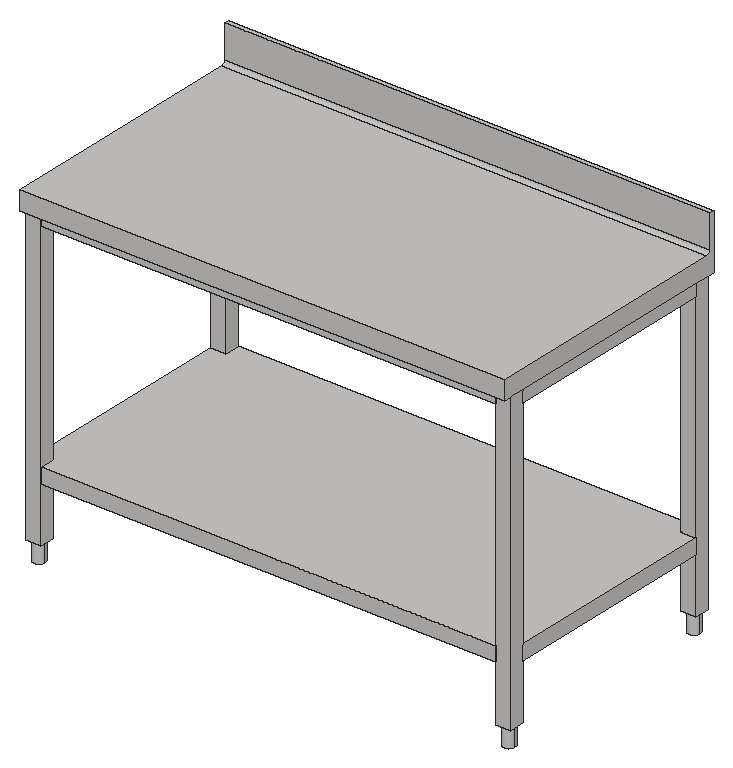
Revit family "QF_ELECTROLUXPROFESSIONAL_134096_LSGTG1310E", category Attrezzature speciali, Revit 2020
Family settings
  Quota connettore circolare = Usa diametro
  Tipo di parte = Normale
  Basato su piano di lavoro = No
  Sempre verticale = Sì
  Taglio con vuoti quando caricato = No
  Condiviso = No
  Punto di calcolo locali = No
Parameters (values of type "Standard")
  Weight = 45.50 kg
  Watts = 0 W
  Volts = 0 V
  URL Manufacturer = "https://www.electroluxprofessional.com/"
  URL = "https://www.electroluxprofessional.com/"
  Steam Supply Size = 0 mm
  Steam Supply Minimum Pressure = 0.0 Pa
  Steam Supply Maximum Pressure = 0.0 Pa
  Steam Consumption per Hour = 0
  Refrigeration Suction Line Size = 0.0 mm
  Refrigeration Liquid Line Size = 0.0 mm
  Refrigerant Compressor Remote = yes
  Prospetto di default = 0.0 mm
  Produttore = "Electrolux Professional"
  Phase = 0
  Modello = "LSGTG1310E"
  Length Actual = 1300.0 mm  # constant formula
  Item Number = "134096"
  Hot Water Size = 0 mm
  Height Actual = 1000.0 mm  # constant formula
  HP = "0 HP"
  Gas Size = 0 mm
  Gas KW = 0
  Gas Input Pressure = 0 W
  Direct Waste Size = 0 mm
  Descrizione = "WORK TABLE  1300 MM+UPSTAND+LOWER SHELF"
  Depth Actual = 700.0 mm  # constant formula
  Cycle = 0 Hz
  Condensate Return Size = 0 mm
  Compressed Air Volume = 0.0 L/s
  Compressed Air Size = 0 mm
  Compressed Air Pressure = 0.0 Pa
  Cold Water Size = 0 mm
  Accessory = yes
Reference planes
  plane 1 "Center (Front/Back)": y = 0
  plane 2: z = 0
  plane 3 "Center (Left/Right)": x = -150
  plane 4 "LEFT": x = -800
  plane 5 "RIGHT": x = 500
  plane 6 "BACK": y = 350
  plane 7 "FRONT": y = -350
  plane 8 "Base": z = 850
  plane 9 "TOP": z = 900
  plane 10: x = -780
  plane 11: x = 480
  plane 12: y = 310
  plane 13: y = -310
  plane 14 "TRAVERSI": z = 820
  plane 15: x = -760
  plane 16: x = 460
  plane 17: y = 290
  plane 18: y = -290
  plane 19: y = 330
  plane 20: y = -330
  plane 21 "Plane": z = 200
Forms (mm)
  Extrusion 1, solid, material "QF_Finishes_Stainless Steel"
    sketch origin (-150, 0, 0) x (0, 1, 0) y (0, 0, 1)
      loop
        line (-350, 850) -> (350, 850) -> (350, 1000) -> (337, 1000) -> (337, 910)
        arc (337, 910) -> (334.071, 902.929) -> (327, 900) r 10
        line (327, 900) -> (-350, 900) -> (-350, 850)
    from 650 to -650
  Extrusion 2, solid, material "QF_Finishes_Stainless Steel"
    sketch origin (0, 0, 820) x (0, 1, 0) y (-1, 0, 0)
      loop
        line (290, -460) -> (-290, -460) -> (-290, -500) -> (290, -500) -> (290, -460)
      loop
        line (290, 800) -> (-290, 800) -> (-290, 760) -> (290, 760) -> (290, 800)
    from 0 to 30
  Extrusion 3, solid, material "QF_Finishes_Stainless Steel"
    sketch origin (0, 0, 820) x (0, 1, 0) y (-1, 0, 0)
      loop
        line (330, -460) -> (330, 760) -> (290, 760) -> (290, -460) -> (330, -460)
      loop
        line (-290, 760) -> (-330, 760) -> (-330, -460) -> (-290, -460) -> (-290, 760)
    from 0 to 30
  Extrusion 4, solid, material "QF_Finishes_Stainless Steel"
    sketch origin (0, 0, 200) x (0, 1, 0) y (-1, 0, 0)
      loop
        line (290, 800) -> (-290, 800) -> (-290, 760) -> (-330, 760) -> (-330, -460) -> (-290, -460) -> (-290, -500) -> (290, -500) -> (290, -460) -> (330, -460) -> (330, 760) -> (290, 760) -> (290, 800)
    from 0 to 40
Lines and regions (mm)
  symbolic lines
    curve 1: line (500, 350, 900) -> (-800, 350, 900)
    curve 2: line (-800, 350, 900) -> (-800, -350, 900)
    curve 3: line (-800, -350, 900) -> (500, -350, 900)
    curve 4: line (500, -350, 900) -> (500, 350, 900)
    curve 5: line (-800, 337, 820) -> (500, 337, 820)
Dimensions and locks
  plane 4 "LEFT" to plane 5 "RIGHT" = 1300.0 mm
  equal spacing: plane 4 "LEFT", plane 3 "Center (Left/Right)", plane 5 "RIGHT"
  plane 4 "LEFT" to plane 10 = 20.0 mm
  plane 11 to plane 5 "RIGHT" = 20.0 mm
  plane 10 to plane 11 = 1260.0 mm
  plane 6 "BACK" to plane 12 = 40.0 mm
  plane 13 to plane 7 "FRONT" = 40.0 mm
  plane 6 "BACK" to plane 7 "FRONT" = 700.0 mm
  plane 12 to plane 13 = 620.0 mm
  equal spacing: plane 6 "BACK", plane 1 "Center (Front/Back)", plane 7 "FRONT"
  plane 8 "Base" to plane 14 "TRAVERSI" = 30.0 mm
  locked: plane 10 to plane 15 at 20
  locked: plane 16 to plane 11 at 20
  locked: plane 19 to plane 12 at 20
  locked: plane 12 to plane 17 at 20
  locked: plane 18 to plane 13 at 20
  locked: plane 13 to plane 20 at 20
  locked: plane 8 "Base" to level at 850
  locked: Extrusion 1 to level at 1000
  locked: plane 21 "Plane" to level at 200
  aligned and locked: level to plane 2
  aligned and locked: plane 10 to nested 1
  aligned and locked: nested 1 to plane 13
  aligned and locked: plane 11 to nested 2
  aligned and locked: nested 2 to plane 13
  aligned and locked: plane 11 to nested 4
  aligned and locked: nested 4 to plane 12
  aligned and locked: plane 10 to nested 3
  aligned and locked: nested 3 to plane 12
  aligned and locked: Extrusion 1 to plane 4 "LEFT"
  aligned and locked: plane 5 "RIGHT" to Extrusion 1
  aligned and locked: curve 2 to plane 4 "LEFT"
  aligned and locked: Extrusion 2 sketch curve to plane 5 "RIGHT"
  aligned and locked: Extrusion 2 sketch curve to plane 17  (x2)
  aligned and locked: plane 16 to Extrusion 2 sketch curve
  aligned and locked: plane 18 to Extrusion 2 sketch curve  (x2)
  aligned and locked: plane 4 "LEFT" to Extrusion 2 sketch curve
  aligned and locked: Extrusion 2 sketch curve to plane 15
  aligned and locked: plane 19 to Extrusion 3 sketch curve
  aligned and locked: Extrusion 3 sketch curve to plane 17
  aligned and locked: Extrusion 3 sketch curve to plane 18
  aligned and locked: plane 20 to Extrusion 3 sketch curve
  aligned and locked: Extrusion 3 sketch curve to plane 15
  aligned and locked: plane 15 to Extrusion 3 sketch curve
  aligned and locked: plane 16 to Extrusion 3 sketch curve
  aligned and locked: Extrusion 3 sketch curve to plane 16
  aligned and locked: curve 5 to Extrusion 1
  aligned and locked: plane 19 to Extrusion 4 sketch curve
  aligned and locked: plane 5 "RIGHT" to Extrusion 4 sketch curve
  aligned and locked: Extrusion 4 sketch curve to plane 4 "LEFT"
  aligned and locked: Extrusion 4 sketch curve to plane 20
  aligned and locked: Extrusion 4 sketch curve to Extrusion 2
  aligned and locked: Extrusion 4 sketch curve to plane 15
  aligned and locked: plane 17 to Extrusion 4 sketch curve  (x2)
  aligned and locked: Extrusion 4 sketch curve to plane 18  (x2)
  aligned and locked: plane 16 to Extrusion 4 sketch curve  (x2)
Automatic sketch dimensions
  curve 3 to plane 7 "FRONT" = 0.0 mm
  curve 4 to plane 6 "BACK" = 0.0 mm
  curve 4 to plane 5 "RIGHT" = 0.0 mm
  Extrusion 1 sketch curve to plane 7 "FRONT" = 0.0 mm
  Extrusion 1 sketch curve to plane 9 "TOP" = 0.0 mm
  Extrusion 1 sketch curve to plane 6 "BACK" = 0.0 mm
  Extrusion 1 sketch curve to plane 8 "Base" = 0.0 mm
  Extrusion 1 sketch curve to plane 19 = 3.0 mm
  plane 19 to Extrusion 1 sketch curve = 7.0 mm
  Extrusion 1 sketch curve to Extrusion 1 sketch curve = 90.0 mm
  curve 5 to plane 5 "RIGHT" = 0.0 mm
  curve 5 to plane 4 "LEFT" = 0.0 mm
Nested families
  nested 1: "FEET_40x40_P50" at (-780, -310, 0), type "FEET_40x40_P50"
  nested 2: "FEET_40x40_P50" at (480, -310, 0), type "FEET_40x40_P50"
  nested 3: "FEET_40x40_P50" at (-780, 310, 0), type "FEET_40x40_P50"
  nested 4: "FEET_40x40_P50" at (480, 310, 0), type "FEET_40x40_P50"
Definition of nested family "FEET_40x40_P50"
  Parameters
    Default Elevation = 0.0 mm
    FEET = 850.0 mm
  Reference planes
    plane 1 "Center (Front/Back)": y = 0
    plane 2: z = 0
    plane 3 "Center (Left/Right)": x = 0
    plane 4: z = 850
  Forms (mm)
    Extrusion 1, solid
      sketch origin (0, 0, 0) x (1, 0, 0) y (0, 1, 0)
        loop
          line (-20, -20) -> (20, -20) -> (20, 20) -> (-20, 20) -> (-20, -20)
      from 50 to 850
    Extrusion 2, solid
      sketch origin (0, 0, 0) x (1, 0, 0) y (0, 1, 0)
        loop
          circle (0, 0) r 16
      from 0 to 50
  Lines and regions (mm)
    symbolic lines
      curve 1: line (0, -1.503, 0) -> (0, 1.508, 0)
      curve 2: line (1.561, 0, 0) -> (-1.439, 0, 0)
  Dimensions and locks
    "FEET": plane 4 to plane 2
    aligned and locked: level to plane 2
  Automatic sketch dimensions
    Extrusion 1 sketch curve to plane 3 "Center (Left/Right)" = 20.0 mm
    plane 3 "Center (Left/Right)" to Extrusion 1 sketch curve = 20.0 mm
    plane 1 "Center (Front/Back)" to Extrusion 1 sketch curve = 20.0 mm
    Extrusion 1 sketch curve to plane 1 "Center (Front/Back)" = 20.0 mm
    plane 1 "Center (Front/Back)" to Extrusion 2 sketch curve = 0.0 mm
    Extrusion 2 sketch curve to plane 3 "Center (Left/Right)" = 0.0 mm
    plane 1 "Center (Front/Back)" to curve 2 = 0.0 mm
    curve 1 to plane 3 "Center (Left/Right)" = 0.0 mm
    curve 2 to plane 3 "Center (Left/Right)" = 1.439 mm
    plane 3 "Center (Left/Right)" to curve 2 = 1.561 mm
    plane 1 "Center (Front/Back)" to curve 1 = 1.503 mm
    curve 1 to plane 1 "Center (Front/Back)" = 1.508 mm
    radius of Extrusion 2 sketch curve = 16.0 mm
